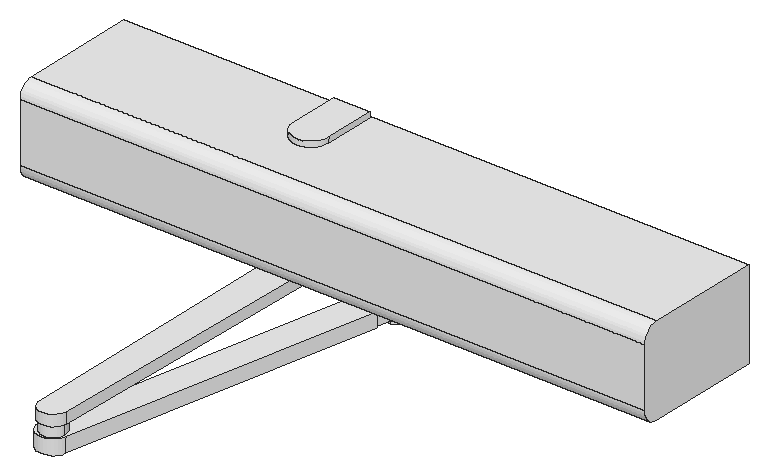
Revit family "record_DrDrver_DFA_Unhosted", category Generic Models, Revit 2015
Parameters (values of type "DFA 127 IN")
  Weight = 0.00 kg
  WarrantyStartDate = "Depends on country"
  WarrantyGuarantorParts = "Local door manufacturer"
  WarrantyGuarantorLabor = "Local door manufacturer"
  WarrantyDurationParts = "Depends on country"
  WarrantyDurationLabor = "Depends on country"
  WarrantyDescription = "Depends on country"
  Version = "Version 1.0"
  Uniclass2 = "PR_25_26_xx"
  URL = "www.record.global"
  TagNumber = "n/a"
  SystemAccessories = "n/a"
  SustainabilityPerformance = "n/a"
  SmokeStop = no
  Size = "n/a"
  Shape = "rectangular"
  ServiceLifeType = "n/a"
  ServiceLifeDuration = "10-15 years"
  SerialNumber = "n/a"
  SelfClosing = yes
  SecurityRating = "n/a"
  Securing = "n/a"
  Revision = "n/a"
  ReplacementCost = "depends on the configuration and door type"
  ReferenceStandard = "EN 16005, DIN 18650"
  ProductionYear = "n/a"
  ProductInformation = "n/a"
  Process = "n/a"
  OperatorWidth = 0.00 mm
  OperatorHeight = 0.00 mm
  OperatorAndArmSystemHeightDifference = 0.00 mm
  Operator = "Wall installation or on door leaf"
  OpeningMechanism = "automatic"
  NominalWidth = 124.00 mm
  NominalLength = 600.00 mm
  NominalHeight = 85.00 mm
  Name = "DFA 127"
  NBSTypeID = "n/a"
  NBSReference = "n/a"
  NBSOfficeMasterTag = "n/a"
  NBSNote = "n/a"
  NBSDescription = "Door access controllers"
  ModelReference = "Electro-mechanic door operator"
  ModelNumber = "n/a"
  ModelLabel = "n/a"
  Model = "record DFA 127 IN automatic swing door operator"
  MethodOfMeasurement = "n/a"
  Material = "Stainless steel (cover), aluminium (cover), plastics"
  ManufacturerURL = "www.record.global"
  Manufacturer = "agtatec"
  LintelDepth = "If more than 330mm then max. 330mm and only standard arm - with 3 different sizes - can be used"
  IssueDate = "(leave empty)"
  IsExternal = no
  InstallationDate = "n/a"
  Infiltration = 0 CFM
  HoldOpen = yes
  HasDrive = "1"
  HardwareSet = "n/a"
  Hardware = "n/a"
  HandicapAccessible = yes
  Grade = "n/a"
  GlazingAreaFraction = 0
  FireRating = "n/a"
  FireExit = no
  Features = "n/a"
  ExpectedLife = "10 years"
  ElectronicLock = "external"
  DurationUnit = "n/a"
  DriverWidth = 124.00 mm
  DriverMaterial = Aluminum
  DriverLength = 600.00 mm
  DriverHeight = 85.00 mm
  Double-LeafFireDoorsInformation = "incl. mech. closing sequence control SFR 127, requires 108 mm height version"
  Double-LeafFireDoors = yes
  Double-LeafDoors = yes
  DoorIncluded = "0"
  Documentation = "n/a"
  DocumentReference = "n/a"
  Description = "Automatic Swing Door Operator"
  Controller = "n/a"
  Constituents = "n/a"
  Configuration = "1"
  ComponentNumber = "n/a"
  Color = "Stainless steel, aluminium, customer specific"
  CodePerformance = "n/a"
  Category = "Pr_75_30_23_09: Automatic swing-door operators"
  C = A + 34.50 mm  # 42.50 mm
  BIMObjectName = "n/a"
  B = A + 7.00 mm  # 15.00 mm
  Author = "agtatec"
  AssetType = "Fixed"
  AssetIdentifier = "n/a"
  Assembly Code = "C1020410"
  ArmType = "Standard arm(pushing only) or sliding arm (pulling/pushing)"
  AcousticRating = "none"
  AccessoryOptions = "contact manufacturer"
  AccessibilityPerformance = "Pedestrian Access"
  A = 8.00 mm
Types (3, lengths in mm): name | ReferenceStandard | OpeningMechanism | Model | FireRating | FireExit | C | B | A
  DFA 127 FP EU | "EN 16005, DIN 18650" | "automatic" | "record DFA 127 IN automatic swing door operator" | "n/a" | no | 42.50 | 15.00 | 8.00
  DFA 127 IN | "EN 16005, DIN 18650" | "automatic" | "record DFA 127 IN automatic swing door operator" | "n/a" | no | 42.50 | 15.00 | 8.00
  DFA 127 FP EU F (for fire doors) | "EN 16005, DIN 18650, EN 1154, EN 1155, EN 1158, DIN 18263-4" | "automatic, manual" | "record DFA 127 automatic swing door operator for fire doors" | "n/a (depends on door leaf/frame only)" | yes | 57.50 | 30.00 | 23.00
Reference planes
  plane 1 "Center (Front/Back)": y = 0
  plane 2: z = 0
  plane 3 "Center (Left/Right)": x = 0
  plane 4 "Top Plane": z = 85
  plane 5: y = -124
  plane 6: x = -300
  plane 7: x = 300
  plane 8: z = -15
  plane 9: z = -32.25
  plane 10: z = -25.4
  plane 11: z = -34.75
  plane 12: z = -51.05
  plane 13: z = -53.55
  plane 14: z = -35.4
  plane 15: z = -49.4
  plane 16: z = -8
Forms (mm)
  Sweep 1, solid, material "Aluminum" <- "DriverMaterial"
    path origin (0, 0, 0) x (1, 0, 0) y (0, 1, 0)
      loop
        line (300, 0) -> (-300, 0)
    profile origin (0, 0, 0) x (0, -1, 0) y (0, 0, 1)
      loop
        line (0, 0) -> (110, 0)
        arc (110, 0) -> (119.899, 4.101) -> (124, 14) r 14
        line (124, 14) -> (124, 71)
        arc (124, 71) -> (119.899, 80.899) -> (110, 85) r 14
        line (110, 85) -> (0, 85) -> (0, 0)
  Extrusion 2, solid, material "Aluminum" <- "DriverMaterial"
    sketch origin (-217.324, -109.011, 0) x (-1, 0, 0) y (0, -1, 0)
      loop
        line (-151.685, -69.011) -> (-157.324, -69.011) -> (-157.324, -108.511) -> (-117.324, -108.511) -> (-117.324, -69.011) -> (-122.962, -69.011)
        arc (-122.962, -69.011) -> (-137.324, -76.511) -> (-151.685, -69.011) r 17.5
    from 0 to -2
  Extrusion 3, solid, material "Aluminum" <- "DriverMaterial"
    sketch origin (-217.324, -109.011, 85) x (1, 0, 0) y (0, 1, 0)
      loop
        line (154.821, 108.011) -> (119.821, 108.011) -> (119.821, 59.011)
        arc (119.821, 59.011) -> (137.321, 41.511) -> (154.821, 59.011) r 17.5
        line (154.821, 59.011) -> (154.821, 108.011)
    from 0 to 5
  Extrusion 4, solid, material "Aluminum" <- "DriverMaterial"
    sketch origin (0, 0, 0) x (1, 0, 0) y (0, 1, 0)
      loop
        circle (-80, -50) r 16.4
    from 0 to -15
  Extrusion 5, solid, material "Aluminum" <- "DriverMaterial"
    sketch origin (0, 0, 0) x (1, 0, 0) y (0, 1, 0)
      loop
        line (-96.5, -50) -> (-96.5, -354.98)
        arc (-96.5, -354.98) -> (-83.649, -367.979) -> (-70.503, -355.278) r 13
        line (-70.503, -355.278) -> (-63.504, -50.379)
        arc (-63.504, -50.379) -> (-79.811, -33.501) -> (-96.5, -50) r 16.5
    from -15 to -25.4
  Extrusion 6, solid, material "Aluminum" <- "DriverMaterial"
    sketch origin (0, 0, 0) x (1, 0, 0) y (0, 1, 0)
      loop
        arc (-97.683, -351.964) -> (-86.515, -369.163) -> (-69.317, -357.995) r 14.5
        line (-69.317, -357.995) -> (-6.516, -62.597) -> (-8.47, -62.182) -> (-4.923, -45.502)
        arc (-4.923, -45.502) -> (-11.746, -17.483) -> (-29.377, -40.303) r 16
        line (-29.377, -40.303) -> (-32.923, -56.983) -> (-34.876, -56.568) -> (-97.683, -351.964)
    from -35.4 to -49.4
  Extrusion 7, solid, material "Aluminum" <- "DriverMaterial"
    sketch origin (0, 0, 0) x (1, 0, 0) y (0, 1, 0)
      loop
        circle (-83.5, -355.145) r 11.582
    from -25.4 to -35.4
  Extrusion 8, solid, material "Aluminum" <- "DriverMaterial"
    sketch origin (0, 0, 0) x (1, 0, 0) y (0, 1, 0)
      loop
        line (22.281, -25.74) -> (23.321, -20.849) -> (-1.132, -15.65) -> (-2.172, -20.541)
        arc (-2.172, -20.541) -> (-2.606, -21.172) -> (-3.358, -21.311) r 1
        line (-3.358, -21.311) -> (-20.965, -17.568)
        arc (-20.965, -17.568) -> (-21.596, -17.134) -> (-21.735, -16.382) r 1
        line (-21.735, -16.382) -> (-20.695, -11.491) -> (-45.149, -6.292) -> (-46.188, -11.183) -> (-26.934, -40.835) -> (-7.371, -44.994) -> (22.281, -25.74)
    from -32.25 to -34.75
  Extrusion 9, solid, material "Aluminum" <- "DriverMaterial"
    sketch origin (0, 0, 0) x (1, 0, 0) y (0, 1, 0)
      loop
        line (22.281, -25.74) -> (23.321, -20.849) -> (-1.132, -15.65) -> (-2.172, -20.541)
        arc (-2.172, -20.541) -> (-2.606, -21.172) -> (-3.358, -21.311) r 1
        line (-3.358, -21.311) -> (-20.965, -17.568)
        arc (-20.965, -17.568) -> (-21.596, -17.134) -> (-21.735, -16.382) r 1
        line (-21.735, -16.382) -> (-20.695, -11.491) -> (-45.149, -6.292) -> (-46.188, -11.183) -> (-26.934, -40.835) -> (-7.371, -44.994) -> (22.281, -25.74)
    from -53.55 to -51.05
  Extrusion 10, solid, material "Aluminum" <- "DriverMaterial"
    sketch origin (0, 0, 0) x (1, 0, 0) y (0, 1, 0)
      loop
        line (-20.695, -11.491) -> (-45.149, -6.292) -> (-45.668, -8.737) -> (-21.215, -13.936) -> (-20.695, -11.491)
      loop
        line (-1.132, -15.65) -> (-1.652, -18.096) -> (22.801, -23.295) -> (23.321, -20.849) -> (-1.132, -15.65)
    from -34.75 to -51.05
Dimensions and locks
  "DriverHeight": plane 4 "Top Plane" to plane 2
  "DriverWidth": plane 1 "Center (Front/Back)" to plane 5
  "DriverLength": plane 6 to plane 7
  locked: Extrusion 2 sketch curve to plane 1 "Center (Front/Back)" at 50
  locked: Extrusion 3 sketch curve to plane 1 "Center (Front/Back)" at 50
  locked: Extrusion 5 sketch curve to plane 1 "Center (Front/Back)" at 354.98
  locked: Extrusion 7 sketch curve to plane 1 "Center (Front/Back)" at 355.145
  locked: Extrusion 6 sketch curve to plane 1 "Center (Front/Back)" at 354.98
  locked: Extrusion 6 sketch curve to plane 1 "Center (Front/Back)" at 40.303
  locked: Extrusion 6 sketch curve to plane 1 "Center (Front/Back)" at 45.502
  "A": plane 2 to plane 16
  "B": plane 2 to plane 8
  locked: plane 10 to plane 8 at 10.4
  locked: plane 9 to plane 10 at 6.85
  locked: plane 11 to plane 9 at 2.5
  locked: plane 13 to plane 12 at 2.5
  locked: plane 14 to plane 11 at 0.65
  locked: plane 12 to plane 15 at 1.65
  locked: plane 13 to plane 9 at 21.3
  aligned and locked: plane 2 to level
  aligned and locked: Sweep 1 sketch curve to plane 1 "Center (Front/Back)"
  aligned and locked: plane 6 to Sweep 1 sketch curve
  aligned and locked: plane 7 to Sweep 1 sketch curve
  aligned and locked: Sweep 1 sketch curve to plane 2
  aligned and locked: Sweep 1 sketch curve to plane 5
  aligned and locked: Sweep 1 sketch curve to plane 4 "Top Plane"
  aligned and locked: profile plane to Sweep 1 sketch curve
  aligned and locked: plane 8 to Extrusion 4
  aligned and locked: Sweep 1 to plane 2
  aligned and locked: Extrusion 5 to plane 8
  aligned and locked: Extrusion 7 to Extrusion 5
  aligned and locked: Extrusion 7 to Extrusion 6  (x2)
  aligned and locked: Extrusion 5 to Extrusion 7  (x2)
  aligned and locked: plane 8 to Extrusion 5  (x2)
  aligned and locked: plane 10 to Extrusion 5
  aligned and locked: Extrusion 7 to plane 10
  aligned and locked: plane 14 to Extrusion 7
  aligned and locked: Extrusion 6 to plane 14
  aligned and locked: plane 15 to Extrusion 6
  aligned and locked: Extrusion 8 to plane 9
  aligned and locked: plane 11 to Extrusion 8
  aligned and locked: plane 12 to Extrusion 10
  aligned and locked: plane 13 to Extrusion 9
  aligned and locked: Extrusion 9 to plane 12
  aligned and locked: Extrusion 10 to plane 11
  aligned and locked: Extrusion 5 to plane 10
Automatic sketch dimensions
  Sweep 1 sketch curve to Sweep 1 sketch curve = 14.00 mm  (x2)
  plane 1 "Center (Front/Back)" to Extrusion 2 sketch curve = 0.50 mm
  Extrusion 2 sketch curve to plane 3 "Center (Left/Right)" = 60.00 mm
  Extrusion 2 sketch curve to Extrusion 2 sketch curve = 5.639 mm  (x2)
  Extrusion 2 sketch curve to Extrusion 2 sketch curve = 14.361 mm  (x2)
  Extrusion 2 sketch curve to Extrusion 2 sketch curve = 10.00 mm
  plane 1 "Center (Front/Back)" to Extrusion 3 sketch curve = 1.00 mm
  Extrusion 3 sketch curve to plane 3 "Center (Left/Right)" = 97.502 mm
  Extrusion 3 sketch curve to Extrusion 3 sketch curve = 17.50 mm
  Extrusion 4 sketch curve to plane 3 "Center (Left/Right)" = 80.00 mm
  plane 1 "Center (Front/Back)" to Extrusion 4 sketch curve = 50.00 mm
  Extrusion 5 sketch curve to plane 3 "Center (Left/Right)" = 96.50 mm
  Extrusion 5 sketch curve to Extrusion 5 sketch curve = 13.00 mm
  Extrusion 5 sketch curve to Extrusion 5 sketch curve = 12.997 mm
  Extrusion 5 sketch curve to Extrusion 5 sketch curve = 32.996 mm
  plane 1 "Center (Front/Back)" to Extrusion 5 sketch curve = 50.379 mm
  Extrusion 5 sketch curve to Extrusion 5 sketch curve = 0.379 mm
  Extrusion 7 sketch curve to plane 3 "Center (Left/Right)" = 83.50 mm
  Extrusion 6 sketch curve to plane 3 "Center (Left/Right)" = 97.683 mm
  Extrusion 6 sketch curve to Extrusion 6 sketch curve = 14.183 mm  (x2)
  Extrusion 6 sketch curve to plane 3 "Center (Left/Right)" = 34.876 mm
  Extrusion 6 sketch curve to Extrusion 6 sketch curve = 1.953 mm  (x2)
  Extrusion 6 sketch curve to Extrusion 6 sketch curve = 3.546 mm
  Extrusion 6 sketch curve to plane 3 "Center (Left/Right)" = 15.073 mm
  Extrusion 6 sketch curve to plane 3 "Center (Left/Right)" = 4.923 mm
  Extrusion 6 sketch curve to Extrusion 6 sketch curve = 3.016 mm
  Extrusion 6 sketch curve to Extrusion 6 sketch curve = 0.415 mm  (x2)
  Extrusion 6 sketch curve to Extrusion 6 sketch curve = 5.199 mm
  Extrusion 8 sketch curve to plane 3 "Center (Left/Right)" = 7.371 mm
  plane 1 "Center (Front/Back)" to Extrusion 8 sketch curve = 6.292 mm
  Extrusion 8 sketch curve to Extrusion 8 sketch curve = 1.04 mm  (x2)
  Extrusion 8 sketch curve to Extrusion 8 sketch curve = 19.563 mm
  Extrusion 8 sketch curve to Extrusion 8 sketch curve = 4.159 mm
  Extrusion 8 sketch curve to Extrusion 8 sketch curve = 18.215 mm
  plane 1 "Center (Front/Back)" to Extrusion 8 sketch curve = 20.849 mm
  Extrusion 8 sketch curve to Extrusion 8 sketch curve = 4.891 mm
  plane 1 "Center (Front/Back)" to Extrusion 9 sketch curve = 11.183 mm
  plane 1 "Center (Front/Back)" to Extrusion 9 sketch curve = 6.292 mm
  Extrusion 9 sketch curve to Extrusion 9 sketch curve = 1.04 mm  (x2)
  Extrusion 9 sketch curve to plane 3 "Center (Left/Right)" = 26.934 mm
  Extrusion 9 sketch curve to plane 3 "Center (Left/Right)" = 7.371 mm
  plane 1 "Center (Front/Back)" to Extrusion 9 sketch curve = 20.849 mm
  Extrusion 9 sketch curve to Extrusion 9 sketch curve = 29.652 mm
  Extrusion 9 sketch curve to Extrusion 9 sketch curve = 4.159 mm
  plane 1 "Center (Front/Back)" to Extrusion 10 sketch curve = 8.737 mm
  Extrusion 10 sketch curve to plane 3 "Center (Left/Right)" = 45.668 mm
  plane 1 "Center (Front/Back)" to Extrusion 10 sketch curve = 6.292 mm
  Extrusion 10 sketch curve to Extrusion 10 sketch curve = 0.52 mm
  plane 1 "Center (Front/Back)" to Extrusion 10 sketch curve = 13.936 mm
  Extrusion 10 sketch curve to plane 3 "Center (Left/Right)" = 1.652 mm
  Extrusion 10 sketch curve to plane 3 "Center (Left/Right)" = 1.132 mm
  plane 3 "Center (Left/Right)" to Extrusion 10 sketch curve = 22.801 mm
  plane 1 "Center (Front/Back)" to Extrusion 10 sketch curve = 15.65 mm
  Extrusion 10 sketch curve to Extrusion 10 sketch curve = 2.445 mm
  plane 1 "Center (Front/Back)" to Extrusion 8 sketch curve = 11.491 mm
  Extrusion 8 sketch curve to Extrusion 8 sketch curve = 0.77 mm
  Extrusion 8 sketch curve to Extrusion 8 sketch curve = 0.208 mm  (x2)
  Extrusion 8 sketch curve to Extrusion 8 sketch curve = 0.978 mm  (x3)
  Extrusion 8 sketch curve to Extrusion 8 sketch curve = 3.743 mm
  Extrusion 8 sketch curve to plane 3 "Center (Left/Right)" = 2.172 mm
  plane 1 "Center (Front/Back)" to Extrusion 8 sketch curve = 15.65 mm
  Extrusion 8 sketch curve to Extrusion 8 sketch curve = 17.545 mm
  Extrusion 8 sketch curve to plane 3 "Center (Left/Right)" = 1.132 mm
  Extrusion 8 sketch curve to Extrusion 8 sketch curve = 29.344 mm
  Extrusion 9 sketch curve to plane 3 "Center (Left/Right)" = 20.965 mm
  Extrusion 9 sketch curve to Extrusion 9 sketch curve = 0.208 mm  (x2)
  plane 1 "Center (Front/Back)" to Extrusion 9 sketch curve = 17.568 mm
  Extrusion 9 sketch curve to Extrusion 9 sketch curve = 0.978 mm  (x4)
  Extrusion 9 sketch curve to plane 3 "Center (Left/Right)" = 3.358 mm
  Extrusion 9 sketch curve to Extrusion 9 sketch curve = 3.743 mm
  Extrusion 9 sketch curve to Extrusion 9 sketch curve = 2.018 mm
  Extrusion 9 sketch curve to Extrusion 9 sketch curve = 19.563 mm
  Extrusion 9 sketch curve to Extrusion 9 sketch curve = 4.891 mm
  radius of Extrusion 4 sketch curve = 16.40 mm
  radius of Extrusion 7 sketch curve = 11.582 mm
